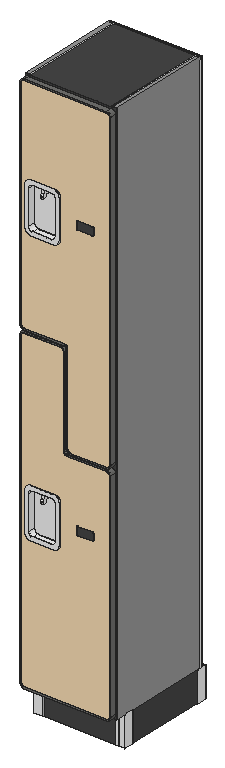
Revit family "Wood_Lockers-Salsbury_Industries-37000_Series-1_Wide_Units", category Specialty Equipment, Revit 2016 (continued)
Definition of nested family "Wood Locker S-Style Bottom Doors"
  Automatic sketch dimensions
    plane 37 "Hasp Letters - Left Side" to Extrusion 7 sketch curve = 0.407"
    Extrusion 7 sketch curve to plane 38 "Hasp Letters - Right Side" = 0.4065"
    Extrusion 7 sketch curve to Extrusion 7 sketch curve = 0.500"
    Extrusion 8 sketch curve to plane 18 "Right Side of Hasp" = 0.000"
    Extrusion 8 sketch curve to plane 20 "Top of Hasp" = 0.000"
    Extrusion 8 sketch curve to plane 21 "Bottom of Hasp" = 0.000"
    Extrusion 8 sketch curve to plane 17 "Left Side of Hasp" = 0.000"
    plane 32 "Hasp Inset-Right" to Extrusion 8 sketch curve = 0.250"
    Extrusion 8 sketch curve to plane 44 "Hasp Handle - Center of Lock Hole" = 0.125"
    Extrusion 8 sketch curve to plane 31 "Hasp Inset-Left" = 0.250"  (x2)
    plane 31 "Hasp Inset-Left" to Extrusion 9 sketch curve = 0.000"
    Extrusion 9 sketch curve to plane 33 "Hasp Inset-Top" = 0.000"
    Extrusion 9 sketch curve to plane 34 "Hasp Inset-Bottom" = 0.000"
    plane 32 "Hasp Inset-Right" to Extrusion 9 sketch curve = 0.000"
    plane 37 "Hasp Letters - Left Side" to Extrusion 9 sketch curve = 0.344"  (x2)
    Extrusion 9 sketch curve to plane 38 "Hasp Letters - Right Side" = 0.344"
    plane 44 "Hasp Handle - Center of Lock Hole" to Extrusion 9 sketch curve = 0.125"
    Extrusion 10 sketch curve to plane 28 "Melamine-Particleboard Line" = 0.000"
    plane 33 "Hasp Inset-Top" to Extrusion 10 sketch curve = 0.000"
    Extrusion 10 sketch curve to plane 27 "Laminate-Particleboard Line" = 0.000"
    plane 43 "Hasp Handle - Lock Area Bottom" to Extrusion 10 sketch curve = 0.000"
    Extrusion 10 sketch curve to plane 22 "Front of Hasp" = 0.000"
    Extrusion 10 sketch curve to plane 45 = 0.000"
    plane 41 "Hasp Handle - Bottom" to Extrusion 10 sketch curve = 0.000"
    Extrusion 10 sketch curve to plane 42 "Hasp Handle - Lip" = 0.07049"
    Extrusion 10 sketch curve to plane 42 "Hasp Handle - Lip" = 0.06247"
    plane 43 "Hasp Handle - Lock Area Bottom" to Extrusion 10 sketch curve = 0.02394"
    plane 1 "Center (Front/Back)" to Extrusion 10 sketch curve = 0.063"
    Extrusion 10 sketch curve to plane 41 "Hasp Handle - Bottom" = 0.09888"  (x2)
    Extrusion 10 sketch curve to plane 29 "Back of Number Plate Inset" = 0.03992"
    Extrusion 10 sketch curve to Extrusion 10 sketch curve = 0.100"
    plane 7 "Front of Door" to Extrusion 10 sketch curve = 0.04375"
    Extrusion 11 sketch curve to plane 1 "Center (Front/Back)" = 0.000"
    plane 44 "Hasp Handle - Center of Lock Hole" to Extrusion 11 sketch curve = 0.000"
    Extrusion 12 sketch curve to plane 51 = 0.000"
    Extrusion 12 sketch curve to plane 52 = 0.000"
    plane 53 "Top Hinge" to Extrusion 13 sketch curve = 0.250"
    plane 54 to Extrusion 13 sketch curve = 0.000"
    Extrusion 13 sketch curve to plane 53 "Top Hinge" = 0.250"
    plane 54 to Extrusion 13 sketch curve = 0.500"
    plane 55 "Bottom Hinge" to Extrusion 14 sketch curve = 0.250"
    plane 54 to Extrusion 14 sketch curve = 0.000"
    plane 54 to Extrusion 14 sketch curve = 0.500"
    Extrusion 14 sketch curve to plane 55 "Bottom Hinge" = 0.250"
    plane 10 "Center of Door" to Extrusion 15 sketch curve = 0.250"
    plane 54 to Extrusion 15 sketch curve = 0.000"
    plane 54 to Extrusion 15 sketch curve = 0.500"
    Extrusion 15 sketch curve to plane 10 "Center of Door" = 0.250"
    plane 23 "Left Side of Door-Right Side of Trim" to Extrusion 3 sketch curve = 0.000"
    Extrusion 3 sketch curve to plane 26 "Bottom of Door-Top of Trim" = 0.000"
    plane 51 to Extrusion 3 sketch curve = 0.000"  (x2)
    Extrusion 3 sketch curve to plane 25 "Top of Door-Bottom of Trim" = 0.000"
    Extrusion 3 sketch curve to plane 52 = 0.000"
    plane 58 to Extrusion 3 sketch curve = 0.000"
    Extrusion 3 sketch curve to plane 59 = 0.000"
    plane 24 "Right Side of Door-Left Side of Trim" to Extrusion 3 sketch curve = 0.000"
    Extrusion 3 sketch curve to plane 56 "Long Panel Edge" = 0.275"
    Extrusion 3 sketch curve to plane 54 = 0.100"  (x2)
    Sweep 4 sketch curve to profile plane = 0.000"
    profile plane to Sweep 4 sketch curve = 0.125"
    Sweep 4 sketch curve to plane 1 "Center (Front/Back)" = 0.375"
    plane 1 "Center (Front/Back)" to Sweep 4 sketch curve = 0.375"
    plane 23 "Left Side of Door-Right Side of Trim" to Extrusion 1 sketch curve = 0.000"
    Extrusion 1 sketch curve to plane 25 "Top of Door-Bottom of Trim" = 0.000"
    plane 51 to Extrusion 1 sketch curve = 0.000"  (x2)
    Extrusion 1 sketch curve to plane 26 "Bottom of Door-Top of Trim" = 0.000"
    Extrusion 1 sketch curve to plane 52 = 0.000"
    plane 58 to Extrusion 1 sketch curve = 0.000"
    Extrusion 1 sketch curve to plane 59 = 0.000"
    plane 24 "Right Side of Door-Left Side of Trim" to Extrusion 1 sketch curve = 0.000"
    Extrusion 1 sketch curve to plane 56 "Long Panel Edge" = 0.275"
    Extrusion 1 sketch curve to plane 54 = 0.100"  (x2)
    plane 23 "Left Side of Door-Right Side of Trim" to Extrusion 2 sketch curve = 0.000"
    Extrusion 2 sketch curve to plane 25 "Top of Door-Bottom of Trim" = 0.000"
    plane 51 to Extrusion 2 sketch curve = 0.000"  (x2)
    Extrusion 2 sketch curve to plane 26 "Bottom of Door-Top of Trim" = 0.000"
    Extrusion 2 sketch curve to plane 52 = 0.000"
    plane 58 to Extrusion 2 sketch curve = 0.000"
    Extrusion 2 sketch curve to plane 59 = 0.000"
    plane 24 "Right Side of Door-Left Side of Trim" to Extrusion 2 sketch curve = 0.000"
    Extrusion 2 sketch curve to plane 56 "Long Panel Edge" = 0.275"
    Extrusion 2 sketch curve to plane 54 = 0.100"  (x2)
    plane 23 "Left Side of Door-Right Side of Trim" to Sweep 4 sketch curve = 0.000"
    Sweep 4 sketch curve to plane 26 "Bottom of Door-Top of Trim" = 0.000"
    plane 51 to Sweep 4 sketch curve = 0.000"  (x2)
    Sweep 4 sketch curve to plane 25 "Top of Door-Bottom of Trim" = 0.000"
    Sweep 4 sketch curve to plane 52 = 0.000"
    plane 58 to Sweep 4 sketch curve = 0.000"
    Sweep 4 sketch curve to plane 59 = 0.000"
    plane 24 "Right Side of Door-Left Side of Trim" to Sweep 4 sketch curve = 0.000"
    Sweep 4 sketch curve to plane 56 "Long Panel Edge" = 0.275"
    Sweep 4 sketch curve to plane 54 = 0.100"  (x2)
    curve 7 to plane 52 = 0.250"
    plane 25 "Top of Door-Bottom of Trim" to curve 7 = 0.150"
    plane 51 to curve 22 = 0.000"
    plane 51 to curve 17 = 0.000"
    curve 18 to plane 52 = 0.000"
    curve 32 to plane 31 "Hasp Inset-Left" = 0.250"
    curve 34 to plane 31 "Hasp Inset-Left" = 0.250"
    plane 37 "Hasp Letters - Left Side" to curve 37 = 0.344"
    plane 44 "Hasp Handle - Center of Lock Hole" to curve 40 = 0.125"
    curve 38 to plane 38 "Hasp Letters - Right Side" = 0.344"
    curve 41 to plane 38 "Hasp Letters - Right Side" = 0.344"
    curve 30 to plane 44 "Hasp Handle - Center of Lock Hole" = 0.125"
    plane 32 "Hasp Inset-Right" to curve 31 = 0.250"
    plane 3 "Center (Left/Right)" to curve 19 = 0.1495"
    curve 49 to plane 12 "Bottom of Number Tag" = 0.14916"
    curve 54 to curve 48 = 0.14916"
    curve 53 to plane 14 "Right Side of Number Tag" = 0.14916"
    curve 50 to curve 50 = 0.14916"
    curve 23 to plane 54 = 0.100"
    curve 20 to plane 54 = 0.100"
    radius of Extrusion 11 sketch curve = 0.175"
    radius of Extrusion 12 sketch curve = 0.250"
Definition of nested family "Wood Locker Bases"
  Parameters (values of type "Base - 12" W x 15" D Lockers")
    Width = 12.000"
    Visible Base = yes
    Visible = no
    Model = "Base - 12\" W x 15\" D Lockers"
    Manufacturer = "Salsbury Industries"
    Height = 4.000"
    Depth = 13.250"
    Base Secondary Material = none
    Base Primary Materials = none
    Base Hardware = none
  Types (14): name | Width | Visible Base | Visible | Model | Depth
    (no name) | 12.000" | yes | no | "Base - 12\" W x 15\" D Lockers" | 13.250"
    Base - 12" W x 15" D Lockers | 12.000" | yes | no | "Base - 12\" W x 15\" D Lockers" | 13.250"
    Base - 12" W x 18" D Lockers | 12.000" | yes | no | "Base - 12\" W x 18\" D Lockers" | 16.250"
    Base - 12" W x 21" D Lockers | 12.000" | yes | no | "Base - 12\" W x 21\" D Lockers" | 19.250"
    Base - 36" W x 15" D Lockers | 36.000" | yes | yes | "Base - 36\" W x 15\" D Lockers" | 13.250"
    Base - 36" W x 18" D Lockers | 36.000" | yes | yes | "Base - 36\" W x 18\" D Lockers" | 16.250"
    Base - 36" W x 21" D Lockers | 36.000" | yes | yes | "Base - 36\" W x 21\" D Lockers" | 19.250"
    Base - 15" W x 18" D Lockers | 15.000" | yes | no | "Base - 15\" W x 18\" D Lockers" | 16.250"
    Base - 15" W x 21" D Lockers | 15.000" | yes | no | "Base - 15\" W x 21\" D Lockers" | 19.250"
    Base - 15" W x 24" D Lockers | 15.000" | yes | no | "Base - 15\" W x 24\" D Lockers" | 22.250"
    Base - 45" W x 18" D Lockers | 45.000" | yes | yes | "Base - 45\" W x 18\" D Lockers" | 16.250"
    Base - 45" W x 21" D Lockers | 45.000" | yes | yes | "Base - 45\" W x 21\" D Lockers" | 19.250"
    Base - 45" W x 24" D Lockers | 45.000" | yes | yes | "Base - 45\" W x 24\" D Lockers" | 22.250"
    None | 12.000" | no | no | "Base - 12\" W x 15\" D Lockers" | 13.250"
  Reference planes (in)
    plane 1 "Center (Front/Back)": y = 0
    plane 2: z = 0
    plane 3 "Center (Left/Right)": x = 0
    plane 4 "Left Edge": x = -6
    plane 5 "Right Edge": x = 6
    plane 6 "Back Edge": y = 6.625
    plane 7 "Front Edge": y = -6.625
    plane 8 "Bottom Edge": z = 0
    plane 9 "Top Edge": z = 4
    plane 10: x = -4.75
    plane 11: x = -4.102
    plane 12: y = 6.562
    plane 13: y = 5.8
    plane 14: x = -5.131
    plane 15: x = -5.256
    plane 16: x = -5.937
    plane 17: x = -5.175
    plane 18: y = 4.727
    plane 19: y = 5.375
    plane 20: y = 5.756
    plane 21: y = 5.881
    plane 22: x = -5.931
    plane 23: x = 5.931
    plane 24: y = 6.556
    plane 25: y = -6.556
    plane 26: y = 6.525
    plane 27: y = -6.525
    plane 28: x = -5.9
    plane 29: x = 5.9
    plane 30: x = -2.375
    plane 31: x = 2.375
  Forms (in)
    Extrusion 1, solid, material <- "Base Hardware", visible <- "Visible Base"
      sketch origin (0, 0, 0) x (1, 0, 0) y (0, 1, 0)
        loop
          arc (-5.967125, 6.625) -> (-5.9909808, 6.6159808) -> (-6, 6.592125) r 0.031
          line (-6, 6.592125) -> (-6, 5.4065)
          arc (-6, 5.4065) -> (-5.9685, 5.375) -> (-5.937, 5.4065) r 0.0315
          line (-5.937, 5.4065) -> (-5.937, 5.756) -> (-5.837, 5.756) -> (-5.837, 5.819) -> (-5.937, 5.819) -> (-5.937, 6.5146499) -> (-5.256, 5.8336499) -> (-5.256, 5.756) -> (-5.175, 5.756) -> (-5.175, 4.7583269)
          arc (-5.175, 4.7583269) -> (-5.1436731, 4.727) -> (-5.1123463, 4.7583269) r 0.0313269
          line (-5.1123463, 4.7583269) -> (-5.1123463, 5.737032) -> (-4.133484, 5.737032)
          arc (-4.133484, 5.737032) -> (-4.102, 5.768516) -> (-4.133484, 5.8) r 0.031484
          line (-4.133484, 5.8) -> (-5.131, 5.8) -> (-5.131, 5.881) -> (-5.2142208, 5.881) -> (-5.8952208, 6.562) -> (-5.194, 6.562) -> (-5.194, 6.462) -> (-5.131, 6.462) -> (-5.131, 6.562) -> (-4.7814004, 6.562)
          arc (-4.7814004, 6.562) -> (-4.7499004, 6.5935) -> (-4.7814004, 6.625) r 0.0315
          line (-4.7814004, 6.625) -> (-5.967125, 6.625)
      from 0 to 4
    Extrusion 2, solid, material <- "Base Hardware", visible <- "Visible Base"
      sketch origin (0, 0, 0) x (-1, 0, 0) y (0, -1, 0)
        loop
          line (-5.967125, -6.625) -> (-4.7814004, -6.625)
          arc (-4.7814004, -6.625) -> (-4.7499004, -6.5935) -> (-4.7814004, -6.562) r 0.0315
          line (-4.7814004, -6.562) -> (-5.131, -6.562) -> (-5.131, -6.462) -> (-5.194, -6.462) -> (-5.194, -6.562) -> (-5.8952208, -6.562) -> (-5.2142208, -5.881) -> (-5.131, -5.881) -> (-5.131, -5.8) -> (-4.133484, -5.8)
          arc (-4.133484, -5.8) -> (-4.102, -5.768516) -> (-4.133484, -5.737032) r 0.031484
          line (-4.133484, -5.737032) -> (-5.1123463, -5.737032) -> (-5.1123463, -4.7583269)
          arc (-5.1123463, -4.7583269) -> (-5.1436731, -4.727) -> (-5.175, -4.7583269) r 0.0313269
          line (-5.175, -4.7583269) -> (-5.175, -5.756) -> (-5.256, -5.756) -> (-5.256, -5.8336499) -> (-5.937, -6.5146499) -> (-5.937, -5.819) -> (-5.837, -5.819) -> (-5.837, -5.756) -> (-5.937, -5.756) -> (-5.937, -5.4065)
          arc (-5.937, -5.4065) -> (-5.9685, -5.375) -> (-6, -5.4065) r 0.0315
          line (-6, -5.4065) -> (-6, -6.592125)
          arc (-6, -6.592125) -> (-5.9909808, -6.6159808) -> (-5.967125, -6.625) r 0.031
      from 0 to 4
    Extrusion 3, solid, material <- "Base Hardware", visible <- "Visible Base"
      sketch origin (0, 0, 0) x (1, 0, 0) y (0, 1, 0)
        loop
          line (-5.967125, -6.625) -> (-4.7814004, -6.625)
          arc (-4.7814004, -6.625) -> (-4.7499004, -6.5935) -> (-4.7814004, -6.562) r 0.0315
          line (-4.7814004, -6.562) -> (-5.131, -6.562) -> (-5.131, -6.462) -> (-5.194, -6.462) -> (-5.194, -6.562) -> (-5.8952208, -6.562) -> (-5.2142208, -5.881) -> (-5.131, -5.881) -> (-5.131, -5.8) -> (-4.133484, -5.8)
          arc (-4.133484, -5.8) -> (-4.102, -5.768516) -> (-4.133484, -5.737032) r 0.031484
          line (-4.133484, -5.737032) -> (-5.1123463, -5.737032) -> (-5.1123463, -4.7583269)
          arc (-5.1123463, -4.7583269) -> (-5.1436731, -4.727) -> (-5.175, -4.7583269) r 0.0313269
          line (-5.175, -4.7583269) -> (-5.175, -5.756) -> (-5.256, -5.756) -> (-5.256, -5.8336499) -> (-5.937, -6.5146499) -> (-5.937, -5.819) -> (-5.837, -5.819) -> (-5.837, -5.756) -> (-5.937, -5.756) -> (-5.937, -5.4065)
          arc (-5.937, -5.4065) -> (-5.9685, -5.375) -> (-6, -5.4065) r 0.0315
          line (-6, -5.4065) -> (-6, -6.592125)
          arc (-6, -6.592125) -> (-5.9909808, -6.6159808) -> (-5.967125, -6.625) r 0.031
      from 0 to 4
    Extrusion 4, solid, material <- "Base Hardware", visible <- "Visible Base"
      sketch origin (0, 0, 0) x (-1, 0, 0) y (0, -1, 0)
        loop
          arc (-5.967125, 6.625) -> (-5.9909808, 6.6159808) -> (-6, 6.592125) r 0.031
          line (-6, 6.592125) -> (-6, 5.4065)
          arc (-6, 5.4065) -> (-5.9685, 5.375) -> (-5.937, 5.4065) r 0.0315
          line (-5.937, 5.4065) -> (-5.937, 5.756) -> (-5.837, 5.756) -> (-5.837, 5.819) -> (-5.937, 5.819) -> (-5.937, 6.5146499) -> (-5.256, 5.8336499) -> (-5.256, 5.756) -> (-5.175, 5.756) -> (-5.175, 4.7583269)
          arc (-5.175, 4.7583269) -> (-5.1436731, 4.727) -> (-5.1123463, 4.7583269) r 0.0313269
          line (-5.1123463, 4.7583269) -> (-5.1123463, 5.737032) -> (-4.133484, 5.737032)
          arc (-4.133484, 5.737032) -> (-4.102, 5.768516) -> (-4.133484, 5.8) r 0.031484
          line (-4.133484, 5.8) -> (-5.131, 5.8) -> (-5.131, 5.881) -> (-5.2142208, 5.881) -> (-5.8952208, 6.562) -> (-5.194, 6.562) -> (-5.194, 6.462) -> (-5.131, 6.462) -> (-5.131, 6.562) -> (-4.7814004, 6.562)
          arc (-4.7814004, 6.562) -> (-4.7499004, 6.5935) -> (-4.7814004, 6.625) r 0.0315
          line (-4.7814004, 6.625) -> (-5.967125, 6.625)
      from 0 to 4
    Extrusion 5, solid, material <- "Base Secondary Material", visible <- "Visible Base"
      sketch origin (0, 0, 0) x (0, -1, 0) y (1, 0, 0)
        loop
          line (-5.756, 5.9) -> (-5.756, 5.181) -> (5.7569692, 5.181) -> (5.7569692, 5.9) -> (-5.756, 5.9)
      from 0 to 4
    Extrusion 6, solid, material <- "Base Secondary Material", visible <- "Visible Base"
      sketch origin (0, 0, 0) x (0, -1, 0) y (1, 0, 0)
        loop
          line (-5.756, -5.9) -> (5.7569692, -5.9) -> (5.7569692, -5.181) -> (-5.756, -5.181) -> (-5.756, -5.9)
      from 0 to 4
    Extrusion 7, solid, material <- "Base Secondary Material", visible <- "Visible Base"
      sketch origin (-2.0552074, 0.625, 0) x (1, 0, 0) y (0, 1, 0)
        loop
          line (-3.0757926, 5.9) -> (-3.0757926, 5.181) -> (7.1862074, 5.181) -> (7.1862074, 5.9) -> (-3.0757926, 5.9)
      from 0 to 4
    Extrusion 8, solid, material <- "Base Secondary Material", visible <- "Visible Base"
      sketch origin (-2.0552074, -0.625, 0) x (1, 0, 0) y (0, 1, 0)
        loop
          line (-3.0757926, -5.9) -> (7.1862074, -5.9) -> (7.1862074, -5.181) -> (-3.0757926, -5.181) -> (-3.0757926, -5.9)
      from 0 to 4
    Extrusion 9, solid, material <- "Base Primary Materials", visible <- "Visible Base"
      sketch origin (0.7645193, 0, 0) x (0, -1, 0) y (1, 0, 0)
        loop
          line (-5.756, 5.1664807) -> (-5.756, 5.1354807) -> (5.7569692, 5.1354807) -> (5.7569692, 5.1664807) -> (-5.756, 5.1664807)
      from 0 to 4
    Extrusion 10, solid, material <- "Base Primary Materials", visible <- "Visible Base"
      sketch origin (-0.719, 0, 0) x (0, -1, 0) y (1, 0, 0)
        loop
          line (-5.756, -5.212) -> (5.7569692, -5.212) -> (5.7569692, -5.181) -> (-5.756, -5.181) -> (-5.756, -5.212)
      from 0 to 4
    Extrusion 11, solid, material <- "Base Primary Materials", visible <- "Visible Base"
      sketch origin (-2.0552074, 1.344, 0) x (1, 0, 0) y (0, 1, 0)
        loop
          line (-3.0757926, 5.218) -> (-3.0757926, 5.181) -> (7.1862074, 5.181) -> (7.1862074, 5.218) -> (-3.0757926, 5.218)
      from 0 to 4
    Extrusion 12, solid, material <- "Base Primary Materials", visible <- "Visible Base"
      sketch origin (-2.0552074, -1.344, 0) x (1, 0, 0) y (0, 1, 0)
        loop
          line (-3.0757926, -5.212) -> (7.1862074, -5.212) -> (7.1862074, -5.181) -> (-3.0757926, -5.181) -> (-3.0757926, -5.212)
      from 0 to 4
    Extrusion 13, solid, material <- "Base Secondary Material", visible <- "Visible"
      sketch origin (0, 0, 4) x (0, -1, 0) y (1, 0, 0)
        loop
          line (-5.806, -2.375) -> (5.806, -2.375) -> (5.806, 2.375) -> (-5.806, 2.375) -> (-5.806, -2.375)
      from 0 to -0.75
    Extrusion 14, solid, material <- "Base Secondary Material", visible <- "Visible"
      sketch origin (0, 0, 0) x (0, -1, 0) y (1, 0, 0)
        loop
          line (-5.806, -2.375) -> (-5.056, -2.375) -> (-5.056, 2.375) -> (-5.806, 2.375) -> (-5.806, -2.375)
      from 0 to 3.25
    Extrusion 15, solid, material <- "Base Secondary Material", visible <- "Visible"
      sketch origin (0, 0, 0) x (0, 1, 0) y (-1, 0, 0)
        loop
          line (-5.806, 2.375) -> (-5.806, -2.375) -> (-5.056, -2.375) -> (-5.056, 2.375) -> (-5.806, 2.375)
      from 0 to 3.25
  Dimensions and locks (in)
    equal spacing: plane 4 "Left Edge", plane 3 "Center (Left/Right)", plane 5 "Right Edge"
    "Width": plane 4 "Left Edge" to plane 5 "Right Edge"
    equal spacing: plane 7 "Front Edge", plane 1 "Center (Front/Back)", plane 6 "Back Edge"
    "Depth": plane 7 "Front Edge" to plane 6 "Back Edge"
    "Height": plane 9 "Top Edge" to plane 8 "Bottom Edge"
    locked: plane 4 "Left Edge" to plane 10 at 1.25
    locked: plane 4 "Left Edge" to plane 11 at 1.898
    locked: plane 12 to plane 6 "Back Edge" at 0.063
    plane 14 to plane 10 = 0.381"
    locked: plane 12 to plane 13 at 0.762
    locked: plane 4 "Left Edge" to plane 16 at 0.063
    locked: plane 16 to plane 17 at 0.762
    locked: plane 19 to plane 6 "Back Edge" at 1.25
    locked: plane 18 to plane 6 "Back Edge" at 1.898
    plane 15 to plane 17 = 0.081"
    plane 21 to plane 13 = 0.081"
    plane 19 to plane 20 = 0.381"
    plane 24 to plane 6 "Back Edge" = 0.069"
    plane 7 "Front Edge" to plane 25 = 0.069"
    plane 23 to plane 5 "Right Edge" = 0.069"
    plane 4 "Left Edge" to plane 22 = 0.069"
    plane 26 to plane 24 = 0.031"
    plane 25 to plane 27 = 0.031"
    plane 22 to plane 28 = 0.031"
    plane 29 to plane 23 = 0.031"
    plane 30 to plane 3 "Center (Left/Right)" to plane 31 = 2.375" locked, 2.375" locked
    aligned and locked: level to plane 2
    aligned and locked: plane 30 to Extrusion 13
    aligned and locked: plane 30 to Extrusion 14
    aligned and locked: plane 30 to Extrusion 15
    aligned and locked: Extrusion 13 to plane 31
    aligned and locked: Extrusion 14 to plane 31
    aligned and locked: Extrusion 15 to plane 31
  Automatic sketch dimensions
    Extrusion 1 sketch curve to plane 4 "Left Edge" = 0.000"
    plane 6 "Back Edge" to Extrusion 1 sketch curve = 0.000"
    Extrusion 1 sketch curve to plane 16 = 0.000"  (x2)
    Extrusion 1 sketch curve to plane 12 = 0.000"  (x2)
    plane 20 to Extrusion 1 sketch curve = 0.000"  (x2)
    Extrusion 1 sketch curve to plane 15 = 0.000"
    plane 21 to Extrusion 1 sketch curve = 0.000"
    Extrusion 1 sketch curve to plane 17 = 0.000"
    Extrusion 1 sketch curve to plane 14 = 0.000"  (x2)
    Extrusion 1 sketch curve to plane 13 = 0.000"
    Extrusion 1 sketch curve to plane 4 "Left Edge" = 0.03094"
    plane 16 to Extrusion 1 sketch curve = 0.03012"
    Extrusion 1 sketch curve to plane 28 = 0.00478"
    Extrusion 1 sketch curve to plane 28 = 0.063"
    plane 17 to Extrusion 1 sketch curve = 0.03922"
    plane 17 to Extrusion 1 sketch curve = 0.019"
    plane 14 to Extrusion 1 sketch curve = 0.01267"
    plane 10 to Extrusion 1 sketch curve = 0.0314"
    plane 11 to Extrusion 1 sketch curve = 0.03148"
    plane 20 to Extrusion 1 sketch curve = 0.01897"
    Extrusion 1 sketch curve to plane 19 = 0.0315"
    Extrusion 1 sketch curve to plane 18 = 0.03133"
    plane 13 to Extrusion 1 sketch curve = 0.019"
    plane 13 to Extrusion 1 sketch curve = 0.03365"
    plane 26 to Extrusion 1 sketch curve = 0.063"
    plane 26 to Extrusion 1 sketch curve = 0.01035"
    plane 12 to Extrusion 1 sketch curve = 0.03012"
    Extrusion 2 sketch curve to plane 5 "Right Edge" = 0.000"
    plane 6 "Back Edge" to Extrusion 2 sketch curve = 0.000"
    plane 20 to Extrusion 2 sketch curve = 0.000"  (x2)
    plane 12 to Extrusion 2 sketch curve = 0.000"  (x2)
    plane 21 to Extrusion 2 sketch curve = 0.000"
    plane 13 to Extrusion 2 sketch curve = 0.000"
    Extrusion 2 sketch curve to plane 5 "Right Edge" = 0.03094"
    Extrusion 2 sketch curve to Extrusion 2 sketch curve = 0.0315"
    Extrusion 2 sketch curve to Extrusion 2 sketch curve = 0.00194"
    plane 23 to Extrusion 2 sketch curve = 0.006"
    Extrusion 2 sketch curve to plane 29 = 0.00478"
    Extrusion 2 sketch curve to plane 29 = 0.063"
    Extrusion 2 sketch curve to plane 13 = 0.03365"
    Extrusion 2 sketch curve to Extrusion 2 sketch curve = 0.581"
    Extrusion 2 sketch curve to Extrusion 2 sketch curve = 0.04178"
    Extrusion 2 sketch curve to plane 26 = 0.063"
    Extrusion 2 sketch curve to Extrusion 2 sketch curve = 0.02022"
    plane 18 to Extrusion 2 sketch curve = 0.03133"
    Extrusion 2 sketch curve to plane 29 = 0.725"
    Extrusion 2 sketch curve to Extrusion 2 sketch curve = 0.03133"
    Extrusion 2 sketch curve to Extrusion 2 sketch curve = 0.063"
    Extrusion 2 sketch curve to Extrusion 2 sketch curve = 0.08322"
    Extrusion 2 sketch curve to Extrusion 2 sketch curve = 0.3496"
    Extrusion 2 sketch curve to Extrusion 2 sketch curve = 0.97886"
    plane 19 to Extrusion 2 sketch curve = 0.0315"
    Extrusion 2 sketch curve to plane 20 = 0.01897"
    Extrusion 2 sketch curve to plane 13 = 0.019"
    Extrusion 2 sketch curve to plane 26 = 0.01035"
    Extrusion 2 sketch curve to plane 12 = 0.03012"
    Extrusion 3 sketch curve to plane 4 "Left Edge" = 0.000"
    plane 7 "Front Edge" to Extrusion 3 sketch curve = 0.000"
    Extrusion 3 sketch curve to plane 16 = 0.000"  (x2)
    Extrusion 3 sketch curve to plane 15 = 0.000"
    Extrusion 3 sketch curve to plane 17 = 0.000"
    Extrusion 3 sketch curve to plane 14 = 0.000"  (x2)
    plane 4 "Left Edge" to Extrusion 3 sketch curve = 0.03094"
    Extrusion 3 sketch curve to plane 16 = 0.03012"
    plane 28 to Extrusion 3 sketch curve = 0.00478"
    plane 28 to Extrusion 3 sketch curve = 0.063"
    Extrusion 3 sketch curve to plane 17 = 0.03922"
    Extrusion 3 sketch curve to plane 17 = 0.019"
    Extrusion 3 sketch curve to plane 14 = 0.01267"
    Extrusion 3 sketch curve to plane 25 = 0.006"  (x2)
    Extrusion 3 sketch curve to plane 10 = 0.0314"
    Extrusion 3 sketch curve to plane 11 = 0.03148"
    plane 27 to Extrusion 3 sketch curve = 0.01035"
    plane 27 to Extrusion 3 sketch curve = 0.063"
    Extrusion 3 sketch curve to Extrusion 3 sketch curve = 0.581"
    Extrusion 3 sketch curve to Extrusion 3 sketch curve = 0.04735"
    Extrusion 3 sketch curve to Extrusion 3 sketch curve = 0.01465"
    Extrusion 3 sketch curve to Extrusion 3 sketch curve = 0.081"
    Extrusion 3 sketch curve to Extrusion 3 sketch curve = 0.03148"
    Extrusion 3 sketch curve to Extrusion 3 sketch curve = 0.044"
    Extrusion 3 sketch curve to Extrusion 3 sketch curve = 0.063"
    Extrusion 3 sketch curve to Extrusion 3 sketch curve = 0.3495"
    Extrusion 3 sketch curve to Extrusion 3 sketch curve = 0.97871"
    plane 7 "Front Edge" to Extrusion 3 sketch curve = 0.03288"
    Extrusion 4 sketch curve to plane 5 "Right Edge" = 0.000"
    plane 7 "Front Edge" to Extrusion 4 sketch curve = 0.000"
    plane 5 "Right Edge" to Extrusion 4 sketch curve = 0.03094"
    Extrusion 4 sketch curve to Extrusion 4 sketch curve = 0.0315"
    Extrusion 4 sketch curve to Extrusion 4 sketch curve = 0.00194"
    Extrusion 4 sketch curve to plane 23 = 0.006"
    plane 29 to Extrusion 4 sketch curve = 0.00478"
    plane 29 to Extrusion 4 sketch curve = 0.063"
    Extrusion 4 sketch curve to Extrusion 4 sketch curve = 0.581"
    Extrusion 4 sketch curve to Extrusion 4 sketch curve = 0.04178"
    Extrusion 4 sketch curve to plane 27 = 0.063"
    Extrusion 4 sketch curve to Extrusion 4 sketch curve = 0.02022"
    plane 29 to Extrusion 4 sketch curve = 0.725"
    Extrusion 4 sketch curve to Extrusion 4 sketch curve = 0.03133"
    Extrusion 4 sketch curve to Extrusion 4 sketch curve = 0.063"  (x2)
    Extrusion 4 sketch curve to Extrusion 4 sketch curve = 0.08322"
    plane 25 to Extrusion 4 sketch curve = 0.006"  (x2)
    Extrusion 4 sketch curve to Extrusion 4 sketch curve = 0.3496"
    Extrusion 4 sketch curve to plane 27 = 0.725"
    Extrusion 4 sketch curve to Extrusion 4 sketch curve = 0.97886"
    Extrusion 4 sketch curve to Extrusion 4 sketch curve = 0.03148"
    Extrusion 4 sketch curve to Extrusion 4 sketch curve = 0.044"
    Extrusion 4 sketch curve to Extrusion 4 sketch curve = 0.000"
    Extrusion 4 sketch curve to Extrusion 4 sketch curve = 0.3495"
    Extrusion 4 sketch curve to Extrusion 4 sketch curve = 0.97871"
    Extrusion 4 sketch curve to Extrusion 4 sketch curve = 0.07765"
    Extrusion 4 sketch curve to Extrusion 4 sketch curve = 0.081"
    Extrusion 4 sketch curve to plane 27 = 0.01035"
    Extrusion 4 sketch curve to plane 7 "Front Edge" = 0.03288"
    plane 20 to Extrusion 5 sketch curve = 0.000"
    Extrusion 5 sketch curve to plane 29 = 0.000"
    Extrusion 5 sketch curve to plane 27 = 0.76803"
    plane 29 to Extrusion 5 sketch curve = 0.719"
    plane 20 to Extrusion 6 sketch curve = 0.000"
    Extrusion 6 sketch curve to plane 28 = 0.000"
    plane 27 to Extrusion 6 sketch curve = 0.76803"
    Extrusion 6 sketch curve to plane 17 = 0.006"
    Extrusion 7 sketch curve to plane 14 = 0.000"
    plane 26 to Extrusion 7 sketch curve = 0.000"
    plane 29 to Extrusion 7 sketch curve = 0.769"
    plane 13 to Extrusion 7 sketch curve = 0.006"
    Extrusion 8 sketch curve to plane 14 = 0.000"
    plane 27 to Extrusion 8 sketch curve = 0.000"
    Extrusion 8 sketch curve to plane 29 = 0.769"
    plane 27 to Extrusion 8 sketch curve = 0.719"
    plane 20 to Extrusion 9 sketch curve = 0.000"
    Extrusion 9 sketch curve to plane 23 = 0.000"
    Extrusion 9 sketch curve to plane 29 = 0.000"
    Extrusion 9 sketch curve to plane 27 = 0.76803"
    plane 20 to Extrusion 10 sketch curve = 0.000"
    Extrusion 10 sketch curve to plane 22 = 0.000"
    Extrusion 10 sketch curve to plane 28 = 0.000"
    plane 27 to Extrusion 10 sketch curve = 0.76803"
    Extrusion 11 sketch curve to plane 14 = 0.000"
    plane 12 to Extrusion 11 sketch curve = 0.000"
    plane 26 to Extrusion 11 sketch curve = 0.000"
    plane 29 to Extrusion 11 sketch curve = 0.769"
    Extrusion 12 sketch curve to plane 14 = 0.000"
    plane 25 to Extrusion 12 sketch curve = 0.000"
    plane 27 to Extrusion 12 sketch curve = 0.000"
    Extrusion 12 sketch curve to plane 29 = 0.769"
    plane 13 to Extrusion 13 sketch curve = 0.006"
    Extrusion 13 sketch curve to plane 27 = 0.719"
    Extrusion 13 sketch curve to plane 11 = 1.727"
    plane 3 "Center (Left/Right)" to Extrusion 13 sketch curve = 2.375"
    plane 13 to Extrusion 14 sketch curve = 0.006"
    plane 19 to Extrusion 14 sketch curve = 0.319"
    Extrusion 14 sketch curve to plane 11 = 1.727"
    plane 3 "Center (Left/Right)" to Extrusion 14 sketch curve = 2.375"
    plane 27 to Extrusion 15 sketch curve = 0.719"
    Extrusion 15 sketch curve to Extrusion 15 sketch curve = 0.750"
    plane 11 to Extrusion 15 sketch curve = 1.727"
    Extrusion 15 sketch curve to plane 3 "Center (Left/Right)" = 2.375"
Definition of nested family "Wood Locker S-Style Top Doors"
  Parameters (values of type "Double Tier Top S-Door for Six Foot High Locker")
    Width = 11.875"
    Visible Number Plates = yes
    Visible Center Hinge = no
    Short Panel Edge = 29.500"
    Primary Structure Materials = none
    Number Tag-Vertical Offset = 14.750"
    Number Tag-Horizontal Offset = 3.3125"
    Number Tag Width = 2.250"
    Number Tag Height = 1.063"
    Model = "Designer Locker Doors"
    Manufacturer = "Salsbury Industries"
    Long Panel Edge = 5.812"
    Laminate Surface = none
    Height = 42.062"
    Hasp Vertical Offset = 14.750"
    Door Trim = none
    Door Hasps = none
    Depth = 0.750"
  Types (4): name | Width | Short Panel Edge | Number Tag-Vertical Offset | Number Tag-Horizontal Offset | Long Panel Edge | Height | Hasp Vertical Offset
    (no name) | 11.875" | 29.500" | 14.750" | 3.3125" | 5.812" | 42.062" | 14.750"
    Double Tier Top S-Door for Six Foot High Locker | 11.875" | 29.500" | 14.750" | 3.3125" | 5.812" | 42.062" | 14.750"
    Double Tier Top S-Door for Five Foot High Locker | 11.875" | 23.500" | 11.750" | 3.3125" | 5.812" | 36.062" | 11.750"
    Extra Wide Double Tier Top S-Door | 14.875" | 29.500" | 14.750" | 4.813" | 7.250" | 42.062" | 14.750"
  Reference planes (in)
    plane 1 "Center (Front/Back)": y = 0
    plane 2: z = 0
    plane 3 "Center (Left/Right)": x = 0
    plane 4 "Left Side of Door": x = -5.9375
    plane 5 "Right Side of Door": x = 5.9375
    plane 6 "Back of Door": y = 0.375
    plane 7 "Front of Door": y = -0.375
    plane 8 "Bottom of Door": z = 0
    plane 9 "Top of Door": z = 42.062
    plane 10 "Center of Door": z = 21.031
    plane 11 "Top of Number Tag": z = 27.8435
    plane 12 "Bottom of Number Tag": z = 26.7805
    plane 13 "Left Side of Number Tag": x = 1.5
    plane 14 "Right Side of Number Tag": x = 3.75
    plane 15 "Horizontal Center of Number Tag": x = 2.625
    plane 16 "Center of Number Tag": z = 27.312
    plane 17 "Left Side of Hasp": x = -5.1875
    plane 18 "Right Side of Hasp": x = -0.6875
    plane 19 "Hasp Vertical Center": z = 27.312
    plane 20 "Top of Hasp": z = 30.562
    plane 21 "Bottom of Hasp": z = 24.062
    plane 22 "Front of Hasp": y = -0.5
    plane 23 "Left Side of Door-Right Side of Trim": x = -5.8125
    plane 24 "Right Side of Door-Left Side of Trim": x = 5.8125
    plane 25 "Top of Door-Bottom of Trim": z = 41.937
    plane 26 "Bottom of Door-Top of Trim": z = 0.125
    plane 27 "Laminate-Particleboard Line": y = -0.344
    plane 28 "Melamine-Particleboard Line": y = 0.344
    plane 29 "Back of Number Plate Inset": y = -0.313
    plane 30 "Center of Hasp": x = -2.9375
    plane 31 "Hasp Inset-Left": x = -4.6875
    plane 32 "Hasp Inset-Right": x = -1.1875
    plane 33 "Hasp Inset-Top": z = 30.062
    plane 34 "Hasp Inset-Bottom": z = 24.562
    plane 35: z = 30.218
    plane 36: z = 30.406
    plane 37 "Hasp Letters - Left Side": x = -3.8435
    plane 38 "Hasp Letters - Right Side": x = -2.0315
    plane 39 "Hasp Handle - Left Side": x = -3.0935
    plane 40 "Hasp Handle - Right Side": x = -2.7815
    plane 41 "Hasp Handle - Bottom": z = 28.937
    plane 42 "Hasp Handle - Lip": z = 29.374
    plane 43 "Hasp Handle - Lock Area Bottom": z = 29.312
    plane 44 "Hasp Handle - Center of Lock Hole": z = 29.687
    plane 45: y = -0.188
    plane 46 "Door Stopper Plane": y = 0.625
    plane 47 "Bottom of Hasp Hole": z = 24.499
    plane 48 "Top of Hasp Hole": z = 30.125
    plane 49 "Left Side of Hasp Hole": x = -4.7505
    plane 50 "Right Side of Hasp Hole": x = -1.125
    plane 51: x = -5.4125
    plane 52: z = 41.537
    plane 53 "Top Hinge": z = 39.062
    plane 54: x = 5.3125
    plane 55 "Bottom Hinge": z = 3
    plane 56 "Long Panel Edge": x = 0.1255
    plane 57: z = 12.562
    plane 58: x = -3.1245
    plane 59: z = 12.687
    plane 60: x = 0.2505
  Forms (in)
    Extrusion 1, solid, detail levels fine
      sketch origin (0, 0, 0) x (1, 0, 0) y (0, 0, 1)
        loop
          arc (-5.8125, 13.087) -> (-5.6953427, 12.8041573) -> (-5.4125, 12.687) r 0.4
          line (-5.4125, 12.687) -> (-0.1495, 12.687)
          arc (-0.1495, 12.687) -> (0.1333427, 12.5698427) -> (0.2505, 12.287) r 0.4
          line (0.2505, 12.287) -> (0.2505, 0.525)
          arc (0.2505, 0.525) -> (0.3676573, 0.2421573) -> (0.6505, 0.125) r 0.4
          line (0.6505, 0.125) -> (5.4125, 0.125)
          arc (5.4125, 0.125) -> (5.6953427, 0.2421573) -> (5.8125, 0.525) r 0.4
          line (5.8125, 0.525) -> (5.8125, 41.537)
          arc (5.8125, 41.537) -> (5.6953427, 41.8198427) -> (5.4125, 41.937) r 0.4
          line (5.4125, 41.937) -> (-5.4125, 41.937)
          arc (-5.4125, 41.937) -> (-5.6953427, 41.8198427) -> (-5.8125, 41.537) r 0.4
          line (-5.8125, 41.537) -> (-5.8125, 13.087)
      from -0.344 to 0.344
    Extrusion 2, solid, material <- "Primary Structure Materials"
      sketch origin (0, 0.375, 0) x (1, 0, 0) y (0, 0, 1)
        loop
          arc (-5.8125, 13.087) -> (-5.6953427, 12.8041573) -> (-5.4125, 12.687) r 0.4
          line (-5.4125, 12.687) -> (-0.1495, 12.687)
          arc (-0.1495, 12.687) -> (0.1333427, 12.5698427) -> (0.2505, 12.287) r 0.4
          line (0.2505, 12.287) -> (0.2505, 0.525)
          arc (0.2505, 0.525) -> (0.3676573, 0.2421573) -> (0.6505, 0.125) r 0.4
          line (0.6505, 0.125) -> (5.4125, 0.125)
          arc (5.4125, 0.125) -> (5.6953427, 0.2421573) -> (5.8125, 0.525) r 0.4
          line (5.8125, 0.525) -> (5.8125, 41.537)
          arc (5.8125, 41.537) -> (5.6953427, 41.8198427) -> (5.4125, 41.937) r 0.4
          line (5.4125, 41.937) -> (-5.4125, 41.937)
          arc (-5.4125, 41.937) -> (-5.6953427, 41.8198427) -> (-5.8125, 41.537) r 0.4
          line (-5.8125, 41.537) -> (-5.8125, 13.087)
      from 0.031 to 0
    Extrusion 3, solid, material <- "Laminate Surface"
      sketch origin (0, -0.375, 0) x (1, 0, 0) y (0, 0, 1)
        loop
          arc (-5.8125, 13.087) -> (-5.6953427, 12.8041573) -> (-5.4125, 12.687) r 0.4
          line (-5.4125, 12.687) -> (-0.1495, 12.687)
          arc (-0.1495, 12.687) -> (0.1333427, 12.5698427) -> (0.2505, 12.287) r 0.4
          line (0.2505, 12.287) -> (0.2505, 0.525)
          arc (0.2505, 0.525) -> (0.3676573, 0.2421573) -> (0.6505, 0.125) r 0.4
          line (0.6505, 0.125) -> (5.4125, 0.125)
          arc (5.4125, 0.125) -> (5.6953427, 0.2421573) -> (5.8125, 0.525) r 0.4
          line (5.8125, 0.525) -> (5.8125, 41.537)
          arc (5.8125, 41.537) -> (5.6953427, 41.8198427) -> (5.4125, 41.937) r 0.4
          line (5.4125, 41.937) -> (-5.4125, 41.937)
          arc (-5.4125, 41.937) -> (-5.6953427, 41.8198427) -> (-5.8125, 41.537) r 0.4
          line (-5.8125, 41.537) -> (-5.8125, 13.087)
      from 0 to -0.031
    Sweep 4, solid, material <- "Door Trim"
      path origin (0, 0, 0) x (1, 0, 0) y (0, 0, 1)
        loop
          arc (-5.4125, 41.937) -> (-5.6953427, 41.8198427) -> (-5.8125, 41.537) r 0.4
          line (-5.8125, 41.537) -> (-5.8125, 13.087)
          arc (-5.8125, 13.087) -> (-5.6953427, 12.8041573) -> (-5.4125, 12.687) r 0.4
          line (-5.4125, 12.687) -> (-0.1495, 12.687)
          arc (-0.1495, 12.687) -> (0.1333427, 12.5698427) -> (0.2505, 12.287) r 0.4
          line (0.2505, 12.287) -> (0.2505, 0.525)
          arc (0.2505, 0.525) -> (0.3676573, 0.2421573) -> (0.6505, 0.125) r 0.4
          line (0.6505, 0.125) -> (5.4125, 0.125)
          arc (5.4125, 0.125) -> (5.6953427, 0.2421573) -> (5.8125, 0.525) r 0.4
          line (5.8125, 0.525) -> (5.8125, 41.537)
          arc (5.8125, 41.537) -> (5.6953427, 41.8198427) -> (5.4125, 41.937) r 0.4
          line (5.4125, 41.937) -> (-5.4125, 41.937)
      profile origin (-5.6953427, 0, 41.8198427) x (0.707107, 0, -0.707107) y (0, -1, 0)
        loop
          line (-0.125, 0.375) -> (-0.125, -0.375) -> (0, -0.375) -> (0, 0.375) -> (-0.125, 0.375)
    Extrusion 5, void
      sketch origin (0, -0.313, 0) x (1, 0, 0) y (0, 0, 1)
        loop
          arc (1.6491576, 27.8435) -> (1.5436872, 27.7998128) -> (1.5, 27.6943424) r 0.1491576
          line (1.5, 27.6943424) -> (1.5, 26.9296576)
          arc (1.5, 26.9296576) -> (1.5436872, 26.8241872) -> (1.6491576, 26.7805) r 0.1491576
          line (1.6491576, 26.7805) -> (3.6008424, 26.7805)
          arc (3.6008424, 26.7805) -> (3.7063128, 26.8241872) -> (3.75, 26.9296576) r 0.1491576
          line (3.75, 26.9296576) -> (3.75, 27.6943424)
          arc (3.75, 27.6943424) -> (3.7063128, 27.7998128) -> (3.6008424, 27.8435) r 0.1491576
          line (3.6008424, 27.8435) -> (1.6491576, 27.8435)
      from 0 to 0.062
    Extrusion 6, solid, visible <- "Visible Number Plates", detail levels medium+fine
      sketch origin (0, -0.375, 0) x (1, 0, 0) y (0, 0, 1)
        loop
          arc (1.6491576, 27.8435) -> (1.5436872, 27.7998128) -> (1.5, 27.6943424) r 0.1491576
          line (1.5, 27.6943424) -> (1.5, 26.9296576)
          arc (1.5, 26.9296576) -> (1.5436872, 26.8241872) -> (1.6491576, 26.7805) r 0.1491576
          line (1.6491576, 26.7805) -> (3.6008424, 26.7805)
          arc (3.6008424, 26.7805) -> (3.7063128, 26.8241872) -> (3.75, 26.9296576) r 0.1491576
          line (3.75, 26.9296576) -> (3.75, 27.6943424)
          arc (3.75, 27.6943424) -> (3.7063128, 27.7998128) -> (3.6008424, 27.8435) r 0.1491576
          line (3.6008424, 27.8435) -> (1.6491576, 27.8435)
      from -0.062 to 0
    Extrusion 7, void
      sketch origin (0, 0.375, 0) x (1, 0, 0) y (0, 0, 1)
        loop
          line (-4.7505, 29.625) -> (-4.7505, 24.999)
          arc (-4.7505, 24.999) -> (-4.6040534, 24.6454466) -> (-4.2505, 24.499) r 0.5
          line (-4.2505, 24.499) -> (-1.625, 24.499)
          arc (-1.625, 24.499) -> (-1.2714466, 24.6454466) -> (-1.125, 24.999) r 0.5
          line (-1.125, 24.999) -> (-1.125, 29.625)
          arc (-1.125, 29.625) -> (-1.2714466, 29.9785534) -> (-1.625, 30.125) r 0.5
          line (-1.625, 30.125) -> (-4.2505, 30.125)
          arc (-4.2505, 30.125) -> (-4.6040534, 29.9785534) -> (-4.7505, 29.625) r 0.5
      from 0 to 0.875
    Extrusion 8, solid, material <- "Door Hasps"
      sketch origin (0, -0.5, 0) x (-1, 0, 0) y (0, 0, 1)
        loop
          arc (1.4375, 30.562) -> (0.9071699, 30.3423301) -> (0.6875, 29.812) r 0.75
          line (0.6875, 29.812) -> (0.6875, 24.812)
          arc (0.6875, 24.812) -> (0.9071699, 24.2816699) -> (1.4375, 24.062) r 0.75
          line (1.4375, 24.062) -> (4.4375, 24.062)
          arc (4.4375, 24.062) -> (4.9678301, 24.2816699) -> (5.1875, 24.812) r 0.75
          line (5.1875, 24.812) -> (5.1875, 29.812)
          arc (5.1875, 29.812) -> (4.9678301, 30.3423301) -> (4.4375, 30.562) r 0.75
          line (4.4375, 30.562) -> (1.4375, 30.562)
      from 0 to 1.125
    Extrusion 9, void
      sketch origin (0, 0.375, 0) x (1, 0, 0) y (0, 0, 1)
        loop
          arc (-4.1875, 30.062) -> (-4.5410534, 29.9155534) -> (-4.6875, 29.562) r 0.5
          line (-4.6875, 29.562) -> (-4.6875, 25.062)
          arc (-4.6875, 25.062) -> (-4.5410534, 24.7084466) -> (-4.1875, 24.562) r 0.5
          line (-4.1875, 24.562) -> (-1.6875, 24.562)
          arc (-1.6875, 24.562) -> (-1.3339466, 24.7084466) -> (-1.1875, 25.062) r 0.5
          line (-1.1875, 25.062) -> (-1.1875, 29.562)
          arc (-1.1875, 29.562) -> (-1.3339466, 29.9155534) -> (-1.6875, 30.062) r 0.5
          line (-1.6875, 30.062) -> (-4.1875, 30.062)
      from 0 to 0.875
    Extrusion 10, solid, material <- "Door Hasps"
      sketch origin (-2.9375, 0, 0) x (0, 0, -1) y (0, -1, 0)
        loop
          line (-30.062, -0.344) -> (-29.312, -0.344) -> (-29.312, 0.063)
          arc (-29.312, 0.063) -> (-29.2753883, 0.1513883) -> (-29.187, 0.188) r 0.125
          line (-29.187, 0.188) -> (-29.0358813, 0.188)
          arc (-29.0358813, 0.188) -> (-28.970657, 0.212199) -> (-28.937, 0.2730843) r 0.1
          line (-28.937, 0.2730843) -> (-28.937, 0.4149157)
          arc (-28.937, 0.4149157) -> (-28.970657, 0.475801) -> (-29.0358813, 0.5) r 0.1
          line (-29.0358813, 0.5) -> (-29.2880625, 0.5)
          arc (-29.2880625, 0.5) -> (-29.3455181, 0.4762011) -> (-29.369317, 0.4187455) r 0.0812545
          arc (-29.369317, 0.4187455) -> (-29.3885715, 0.3685045) -> (-29.4364714, 0.344) r 0.0751745
          line (-29.4364714, 0.344) -> (-30.062, 0.344) -> (-30.062, -0.344)
      from -0.156 to 0.156
    Extrusion 11, void
      sketch origin (-2.9375, 0, 0) x (0, 0, -1) y (0, -1, 0)
        loop
          circle (-29.687, 0) r 0.175
      from -0.156 to 0.156
    Extrusion 12, solid, detail levels fine
      sketch origin (0, 0.375, 0) x (1, 0, 0) y (0, 0, 1)
        loop
          circle (-5.4125, 41.537) r 0.25
      from 0 to -0.25
    Extrusion 13, solid, detail levels fine
      sketch origin (0, 0.375, 0) x (1, 0, 0) y (0, 0, 1)
        loop
          line (5.3125, 38.812) -> (5.3125, 39.312) -> (4.8125, 39.312) -> (4.8125, 38.812) -> (5.3125, 38.812)
      from 0 to -0.25
    Extrusion 14, solid, detail levels fine
      sketch origin (0, 0.375, -0.25) x (1, 0, 0) y (0, 0, 1)
        loop
          line (5.3125, 3) -> (5.3125, 3.5) -> (4.8125, 3.5) -> (4.8125, 3) -> (5.3125, 3)
      from 0 to -0.25
    Extrusion 15, solid, visible <- "Visible Center Hinge", detail levels fine
      sketch origin (0, 0.375, -0.25) x (1, 0, 0) y (0, 0, 1)
        loop
          line (5.3125, 21.031) -> (5.3125, 21.531) -> (4.8125, 21.531) -> (4.8125, 21.031) -> (5.3125, 21.031)
      from 0 to -0.25
  Cuts and joins
    Extrusion 5, Extrusion 7, Extrusion 11 cuts Extrusion 1
    Extrusion 5, Extrusion 7 cuts Extrusion 3
    Extrusion 7 cuts Extrusion 2
    Extrusion 9, Extrusion 11 cuts Extrusion 8
    Extrusion 11 cuts Sweep 4
    Extrusion 11 cuts Extrusion 10
  Lines and regions (in)
    symbolic lines
      curve 1: line (-5.9375, 0.375, 41.937) -> (5.9375, 0.375, 41.937)
      curve 2: line (-5.9375, -0.375, 41.937) -> (-5.9375, 0.375, 41.937)
      curve 3: line (5.9375, -0.375, 41.937) -> (-5.9375, -0.375, 41.937)
      curve 4: line (5.9375, 0.375, 41.937) -> (5.9375, -0.375, 41.937)
      curve 5: line (-5.6625, 0.375, 41.937) -> (-5.6625, 0.625, 41.937)
      curve 6: line (-5.1616175, 0.375, 41.937) -> (-5.1616175, 0.625, 41.937)
      curve 7: line (-5.1616175, 0.625, 41.937) -> (-5.6625, 0.625, 41.937)
      curve 8: line (4.8125, 0.375, 41.937) -> (4.8125, 0.625, 41.937)
      curve 9: line (5.3125, 0.375, 41.937) -> (5.3125, 0.625, 41.937)
      curve 10: line (5.3125, 0.625, 41.937) -> (4.8125, 0.625, 41.937)
      curve 11: line (-5.1875, -0.375, 41.937) -> (-5.1875, -0.5, 41.937)
      curve 12: line (-5.1875, -0.5, 41.937) -> (-0.6875, -0.5, 41.937)
      curve 13: line (-0.6875, -0.5, 41.937) -> (-0.6875, -0.375, 41.937)
      curve 14: line (-2.9375, -0.375, 42.062) -> (-2.9375, 0.375, 42.062)
      curve 15: line (-2.9375, -0.375, 0) -> (-2.9375, -0.375, 42.062)
      curve 16: line (-2.9375, 0.375, 0) -> (-2.9375, -0.375, 0)
      curve 17: line (-2.9375, 0.375, 42.062) -> (-2.9375, 0.375, 0)
      curve 18: line (-2.9375, 0.375, 41.2876719) -> (-2.9375, 0.625, 41.2876719)
      curve 19: line (-2.9375, 0.625, 41.2876719) -> (-2.9375, 0.625, 41.787)
      curve 20: line (-2.9375, 0.625, 41.787) -> (-2.9375, 0.375, 41.787)
      curve 21: line (-2.9375, -0.375, 30.562) -> (-2.9375, -0.5, 30.562)
      curve 22: line (-2.9375, -0.5, 30.562) -> (-2.9375, -0.5, 24.062)
      curve 23: line (-2.9375, -0.5, 24.062) -> (-2.9375, -0.375, 24.062)
      curve 24: line (-2.9375, 0.375, 39.312) -> (-2.9375, 0.625, 39.312)
      curve 25: line (-2.9375, 0.625, 39.312) -> (-2.9375, 0.625, 38.812)
      curve 26: line (-2.9375, 0.625, 38.812) -> (-2.9375, 0.375, 38.812)
      curve 27: line (-2.9375, 0.375, 3.25) -> (-2.9375, 0.625, 3.25)
      curve 28: line (-2.9375, 0.625, 3.25) -> (-2.9375, 0.625, 2.75)
      curve 29: line (-2.9375, 0.625, 2.75) -> (-2.9375, 0.375, 2.75)
      curve 30: arc (-5.9375, 0.375, 41.537) -> (-5.7837311, 0.375, 41.9082311) -> (-5.4125, 0.375, 42.062) r 0.525
      curve 31: arc (5.9375, 0.375, 41.537) -> (5.7837311, 0.375, 41.9082311) -> (5.4125, 0.375, 42.062) r 0.525
      curve 32: arc (-5.4125, 0.375, 12.562) -> (-5.7837311, 0.375, 12.7157689) -> (-5.9375, 0.375, 13.087) r 0.525
      curve 33: arc (-0.1495, 0.375, 12.562) -> (0.0449544, 0.375, 12.4814544) -> (0.1255, 0.375, 12.287) r 0.275
      curve 34: arc (5.4125, 0.375, 0) -> (5.7837311, 0.375, 0.1537689) -> (5.9375, 0.375, 0.525) r 0.525
      curve 35: arc (0.6505, 0.375, 0) -> (0.2792689, 0.375, 0.1537689) -> (0.1255, 0.375, 0.525) r 0.525
      curve 36: line (0.6505, 0.375, 0) -> (5.4125, 0.375, 0)
      curve 37: line (5.9375, 0.375, 0.525) -> (5.9375, 0.375, 41.537)
      curve 38: line (5.4125, 0.375, 42.062) -> (-5.4125, 0.375, 42.062)
      curve 39: line (-5.9375, 0.375, 41.537) -> (-5.9375, 0.375, 13.087)
      curve 40: line (-5.4125, 0.375, 12.562) -> (-0.1495, 0.375, 12.562)
      curve 41: line (0.1255, 0.375, 12.287) -> (0.1255, 0.375, 0.525)
      curve 42: arc (1.5, 0.375, 27.6943424) -> (1.5436872, 0.375, 27.7998128) -> (1.6491576, 0.375, 27.8435) r 0.1491576
      curve 43: arc (1.6491576, 0.375, 26.7805) -> (1.5436872, 0.375, 26.8241872) -> (1.5, 0.375, 26.9296576) r 0.1491576
      curve 44: arc (3.6008424, 0.375, 26.7805) -> (3.7063128, 0.375, 26.8241872) -> (3.75, 0.375, 26.9296576) r 0.1491576
      curve 45: arc (3.75, 0.375, 27.6943424) -> (3.7063128, 0.375, 27.7998128) -> (3.6008424, 0.375, 27.8435) r 0.1491576
      curve 46: line (3.6008424, 0.375, 27.8435) -> (1.6491576, 0.375, 27.8435)
      curve 47: line (1.5, 0.375, 27.6943424) -> (1.5, 0.375, 26.9296576)
      curve 48: line (1.6491576, 0.375, 26.7805) -> (3.6008424, 0.375, 26.7805)
      curve 49: line (3.75, 0.375, 26.9296576) -> (3.75, 0.375, 27.6943424)
      curve 50: arc (-5.1875, 0.375, 29.812) -> (-4.9678301, 0.375, 30.3423301) -> (-4.4375, 0.375, 30.562) r 0.75
      curve 51: arc (-0.6875, 0.375, 29.812) -> (-0.9071699, 0.375, 30.3423301) -> (-1.4375, 0.375, 30.562) r 0.75
      curve 52: arc (-1.4375, 0.375, 24.062) -> (-0.9071699, 0.375, 24.2816699) -> (-0.6875, 0.375, 24.812) r 0.75
      curve 53: arc (-4.4375, 0.375, 24.062) -> (-4.9678301, 0.375, 24.2816699) -> (-5.1875, 0.375, 24.812) r 0.75
      curve 54: line (-4.4375, 0.375, 24.062) -> (-1.4375, 0.375, 24.062)
      curve 55: line (-0.6875, 0.375, 24.812) -> (-0.6875, 0.375, 29.812)
      curve 56: line (-1.4375, 0.375, 30.562) -> (-4.4375, 0.375, 30.562)
      curve 57: line (-5.1875, 0.375, 29.812) -> (-5.1875, 0.375, 24.812)
      curve 58: arc (-4.6875, 0.375, 29.562) -> (-4.5410534, 0.375, 29.9155534) -> (-4.1875, 0.375, 30.062) r 0.5
      curve 59: arc (-1.1875, 0.375, 29.562) -> (-1.3339466, 0.375, 29.9155534) -> (-1.6875, 0.375, 30.062) r 0.5
      curve 60: arc (-1.6875, 0.375, 24.562) -> (-1.3339466, 0.375, 24.7084466) -> (-1.1875, 0.375, 25.062) r 0.5
      curve 61: arc (-4.1875, 0.375, 24.562) -> (-4.5410534, 0.375, 24.7084466) -> (-4.6875, 0.375, 25.062) r 0.5
      curve 62: line (-4.6875, 0.375, 29.562) -> (-4.6875, 0.375, 25.062)
      curve 63: line (-4.1875, 0.375, 24.562) -> (-1.6875, 0.375, 24.562)
      curve 64: line (-1.1875, 0.375, 25.062) -> (-1.1875, 0.375, 29.562)
      curve 65: line (-1.6875, 0.375, 30.062) -> (-4.1875, 0.375, 30.062)
      curve 66: line (-3.0935, 0.375, 30.062) -> (-3.0935, 0.375, 28.937)
      curve 67: line (-3.0935, 0.375, 28.937) -> (-2.7815, 0.375, 28.937)
      curve 68: line (-2.7815, 0.375, 28.937) -> (-2.7815, 0.375, 30.062)
  Dimensions and locks (in)
    equal spacing: plane 4 "Left Side of Door", plane 3 "Center (Left/Right)", plane 5 "Right Side of Door"
    "Width": plane 4 "Left Side of Door" to plane 5 "Right Side of Door"
    equal spacing: plane 7 "Front of Door", plane 1 "Center (Front/Back)", plane 6 "Back of Door"
    "Depth": plane 7 "Front of Door" to plane 6 "Back of Door"
    equal spacing: plane 9 "Top of Door", plane 10 "Center of Door", plane 8 "Bottom of Door"
    "Height": plane 9 "Top of Door" to plane 8 "Bottom of Door"
    equal spacing: plane 11 "Top of Number Tag", plane 16 "Center of Number Tag", plane 12 "Bottom of Number Tag"
    "Number Tag Height": plane 11 "Top of Number Tag" to plane 12 "Bottom of Number Tag"
    equal spacing: plane 14 "Right Side of Number Tag", plane 15 "Horizontal Center of Number Tag", plane 13 "Left Side of Number Tag"
    "Number Tag Width": plane 14 "Right Side of Number Tag" to plane 13 "Left Side of Number Tag"
    "Number Tag-Horizontal Offset": plane 15 "Horizontal Center of Number Tag" to plane 5 "Right Side of Door"
    "Number Tag-Vertical Offset": plane 9 "Top of Door" to plane 16 "Center of Number Tag"
    locked: plane 4 "Left Side of Door" to plane 17 "Left Side of Hasp" at 0.75
    equal spacing: plane 20 "Top of Hasp", plane 19 "Hasp Vertical Center", plane 21 "Bottom of Hasp", locked at 3.25 each
    plane 20 "Top of Hasp" to plane 21 "Bottom of Hasp" = 6.500"
    plane 22 "Front of Hasp" to plane 7 "Front of Door" = 0.125"
    locked: plane 24 "Right Side of Door-Left Side of Trim" to plane 5 "Right Side of Door" at 0.125
    locked: plane 4 "Left Side of Door" to plane 23 "Left Side of Door-Right Side of Trim" at 0.125
    locked: plane 9 "Top of Door" to plane 25 "Top of Door-Bottom of Trim" at 0.125
    locked: plane 26 "Bottom of Door-Top of Trim" to plane 8 "Bottom of Door" at 0.125
    plane 28 "Melamine-Particleboard Line" to plane 6 "Back of Door" = 0.031"
    plane 7 "Front of Door" to plane 27 "Laminate-Particleboard Line" = 0.031"
    plane 27 "Laminate-Particleboard Line" to plane 29 "Back of Number Plate Inset" = 0.031"
    equal spacing: plane 18 "Right Side of Hasp", plane 30 "Center of Hasp", plane 17 "Left Side of Hasp"
    locked: plane 18 "Right Side of Hasp" to plane 17 "Left Side of Hasp" at 4.5
    plane 20 "Top of Hasp" to plane 33 "Hasp Inset-Top" = 0.500"
    plane 34 "Hasp Inset-Bottom" to plane 21 "Bottom of Hasp" = 0.500"
    plane 31 "Hasp Inset-Left" to plane 17 "Left Side of Hasp" = 0.500"
    plane 20 "Top of Hasp" to plane 36 to plane 35 to plane 33 "Hasp Inset-Top" = 0.156", 0.188", 0.156"
    plane 37 "Hasp Letters - Left Side" to plane 30 "Center of Hasp" to plane 38 "Hasp Letters - Right Side" = 0.906", 0.906"
    plane 32 "Hasp Inset-Right" to plane 18 "Right Side of Hasp" = 0.500"
    plane 40 "Hasp Handle - Right Side" to plane 30 "Center of Hasp" to plane 39 "Hasp Handle - Left Side" = 0.156", 0.156"
    plane 33 "Hasp Inset-Top" to plane 42 "Hasp Handle - Lip" to plane 43 "Hasp Handle - Lock Area Bottom" to plane 41 "Hasp Handle - Bottom" = 0.688", 0.062", 0.375"
    plane 48 "Top of Hasp Hole" to plane 33 "Hasp Inset-Top" to plane 44 "Hasp Handle - Center of Lock Hole" = 0.063", 0.375"
    plane 22 "Front of Hasp" to plane 45 = 0.312"
    plane 6 "Back of Door" to plane 46 "Door Stopper Plane" = 0.250"
    plane 32 "Hasp Inset-Right" to plane 50 "Right Side of Hasp Hole" = 0.0625"
    plane 34 "Hasp Inset-Bottom" to plane 47 "Bottom of Hasp Hole" = 0.063"
    plane 49 "Left Side of Hasp Hole" to plane 31 "Hasp Inset-Left" = 0.063"
    locked: plane 23 "Left Side of Door-Right Side of Trim" to plane 51 at 0.4
    locked: plane 25 "Top of Door-Bottom of Trim" to plane 52 at 0.4
    plane 54 to plane 5 "Right Side of Door" = 0.625"
    plane 59 to plane 57 = 0.125"
    plane 58 to plane 56 "Long Panel Edge" = 3.250"
    plane 9 "Top of Door" to plane 53 "Top Hinge" = 3.000"
    "Short Panel Edge": plane 9 "Top of Door" to plane 57
    "Long Panel Edge": plane 56 "Long Panel Edge" to plane 5 "Right Side of Door"
    Extrusion 2 sketch curve to plane 5 "Right Side of Door" = 0.125"
    plane 56 "Long Panel Edge" to plane 60 = 0.125"
    "Hasp Vertical Offset": plane 9 "Top of Door" to plane 19 "Hasp Vertical Center"
    aligned and locked: level to plane 2
    aligned and locked: Extrusion 5 to plane 11 "Top of Number Tag"
    aligned and locked: plane 12 "Bottom of Number Tag" to Extrusion 5
    aligned and locked: plane 14 "Right Side of Number Tag" to Extrusion 5
    aligned and locked: Extrusion 5 to plane 13 "Left Side of Number Tag"
    aligned and locked: Extrusion 5 to plane 29 "Back of Number Plate Inset"
    aligned and locked: plane 7 "Front of Door" to Extrusion 5
    aligned and locked: Extrusion 6 to plane 29 "Back of Number Plate Inset"
    aligned and locked: plane 7 "Front of Door" to Extrusion 6
    aligned and locked: plane 14 "Right Side of Number Tag" to Extrusion 6
    aligned and locked: Extrusion 6 to plane 13 "Left Side of Number Tag"
    aligned and locked: Extrusion 6 to plane 11 "Top of Number Tag"
    aligned and locked: plane 12 "Bottom of Number Tag" to Extrusion 6
    aligned and locked: cut or joined group of Extrusion 3, Extrusion 5, Extrusion 7 to plane 48 "Top of Hasp Hole"
    aligned and locked: plane 47 "Bottom of Hasp Hole" to cut or joined group of Extrusion 3, Extrusion 5, Extrusion 7
    aligned and locked: plane 49 "Left Side of Hasp Hole" to cut or joined group of Extrusion 3, Extrusion 5, Extrusion 7
    aligned and locked: cut or joined group of Extrusion 3, Extrusion 5, Extrusion 7 to plane 50 "Right Side of Hasp Hole"
    aligned and locked: Extrusion 10 to plane 33 "Hasp Inset-Top"
    aligned and locked: plane 41 "Hasp Handle - Bottom" to Extrusion 10
    aligned and locked: curve 1 to cut or joined group of Sweep 4, Extrusion 11
    aligned and locked: curve 2 to cut or joined group of Sweep 4, Extrusion 11
    aligned and locked: curve 3 to cut or joined group of Sweep 4, Extrusion 11
    aligned and locked: curve 4 to cut or joined group of Sweep 4, Extrusion 11
    aligned and locked: plane 46 "Door Stopper Plane" to curve 5
    aligned and locked: curve 7 to Extrusion 12
    aligned and locked: curve 1 to curve 8
    aligned and locked: curve 8 to Extrusion 13
    aligned and locked: curve 9 to Extrusion 13
    aligned and locked: curve 10 to Extrusion 13
    aligned and locked: plane 17 "Left Side of Hasp" to curve 11
    aligned and locked: curve 12 to cut or joined group of Extrusion 8, Extrusion 9, Extrusion 11
    aligned and locked: curve 13 to cut or joined group of Extrusion 8, Extrusion 9, Extrusion 11
    aligned and locked: curve 14 to cut or joined group of Sweep 4, Extrusion 11
    aligned and locked: curve 15 to cut or joined group of Sweep 4, Extrusion 11
    aligned and locked: curve 16 to cut or joined group of Sweep 4, Extrusion 11
    aligned and locked: curve 17 to cut or joined group of Sweep 4, Extrusion 11
    aligned and locked: curve 19 to Extrusion 12
    aligned and locked: plane 20 "Top of Hasp" to curve 21
    aligned and locked: curve 22 to cut or joined group of Extrusion 8, Extrusion 9, Extrusion 11
    aligned and locked: curve 23 to cut or joined group of Extrusion 8, Extrusion 9, Extrusion 11
    aligned and locked: curve 24 to Extrusion 13  (x2)
    aligned and locked: curve 26 to Extrusion 13
    aligned and locked: curve 17 to curve 27
    aligned and locked: curve 27 to Extrusion 14
    aligned and locked: curve 28 to Extrusion 14
    aligned and locked: curve 29 to Extrusion 14
    aligned and locked: cut or joined group of Sweep 4, Extrusion 11 to curve 30
    aligned and locked: curve 30 to cut or joined group of Sweep 4, Extrusion 11
    aligned and locked: curve 31 to cut or joined group of Sweep 4, Extrusion 11
    aligned and locked: cut or joined group of Sweep 4, Extrusion 11 to curve 32
